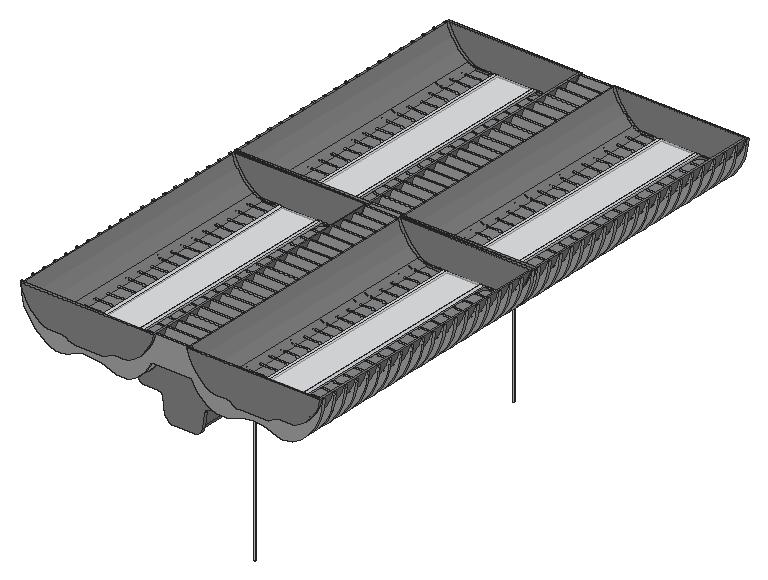
Revit family "0039269 Feilo Sylvania Lighting Fixtures SYLBAY LED 4000K 26KLM AISLE DALI", category Lighting Fixtures, host Face, Revit 2017 (continued)
Definition of nested family "SylbayBody"
  Definition of nested family "SlybayRib"
    Forms (mm)
      Extrusion 2, solid, material <- "BodyMaterial"
        sketch origin (0, 0, 0) x (1, 0, 0) y (0, 0, 1)
          loop
            arc (-117.917, -43.728) -> (-121.079, -43.215) -> (-123.917, -41.728) r 10
            line (-123.917, -41.728) -> (-126.583, -39.728)
            arc (-126.583, -39.728) -> (-129.421, -38.242) -> (-132.583, -37.728) r 10
            line (-132.583, -37.728) -> (-145.75, -37.728)
            arc (-145.75, -37.728) -> (-153.193, -36.71) -> (-160.088, -33.728) r 27.697
            arc (-160.088, -33.728) -> (-176.046, -19.314) -> (-185.5, 0) r 56.788
            line (-185.5, 0) -> (-187.5, 0)
        from 1.25 <- "RibExtrusionStart_FEILO" to -1.25 <- "RibExtrusionEnd_FEILO"
    Dimensions and locks
      equal spacing: plane 5, plane 3 "Center (Left/Right)", plane 4
      locked: plane 5 to plane 4 at 375
      locked: plane 6 to plane 7 at 62.478
      locked: plane 6 to plane 8 at 53.728
      equal spacing: plane 10, plane 3 "Center (Left/Right)", plane 9
      plane 3 "Center (Left/Right)" to plane 9 = 102.75 mm
      locked: plane 6 to plane 11 at 33.728
      equal spacing: plane 13, plane 9, plane 12
      locked: plane 14 to plane 8 at 10
      equal spacing: plane 16, plane 9, plane 15
      locked: plane 9 to plane 15 at 20
      locked: plane 17 to plane 14 at 6
      equal spacing: plane 19, plane 9, plane 18
      locked: plane 15 to plane 18 at 8
      equal spacing: plane 21, plane 9, plane 20
      locked: plane 18 to plane 20 at 15
      locked: plane 13 to plane 22 at 5.3
      locked: plane 3 "Center (Left/Right)" to Extrusion 2 sketch curve at 83.982  (x2)
      locked: plane 3 "Center (Left/Right)" to Extrusion 2 sketch curve at 79.005  (x2)
      locked: plane 3 "Center (Left/Right)" to Extrusion 2 sketch curve at 119.907  (x2)
      locked: plane 3 "Center (Left/Right)" to Extrusion 2 sketch curve at 61.405  (x2)
      locked: plane 3 "Center (Left/Right)" to Extrusion 2 sketch curve at 138.973  (x2)
      locked: plane 3 "Center (Left/Right)" to Extrusion 2 sketch curve at 84.583  (x2)
      locked: plane 3 "Center (Left/Right)" to Extrusion 2 sketch curve at 117.917  (x2)
      locked: plane 3 "Center (Left/Right)" to Extrusion 2 sketch curve at 132.583  (x2)
      locked: plane 3 "Center (Left/Right)" to Extrusion 2 sketch curve at 69.917  (x2)
      locked: Extrusion 2 sketch curve to plane 6 at 21.825  (x2)
      locked: Extrusion 2 sketch curve to plane 6 at 0.822  (x2)
      locked: plane 6 to Extrusion 2 sketch curve at 10.994  (x2)
      locked: plane 6 to Extrusion 2 sketch curve at 15.285  (x2)
      locked: plane 6 to Extrusion 2 sketch curve at 31.076  (x2)
      locked: plane 6 to Extrusion 2 sketch curve at 33.728  (x4)
      locked: plane 6 to Extrusion 2 sketch curve at 29.917  (x2)
      locked: plane 6 to Extrusion 2 sketch curve at 47.728  (x4)
      locked: plane 6 to Extrusion 2 sketch curve at 100.413  (x2)
      locked: plane 6 to Extrusion 2 sketch curve at 141.419  (x2)
      locked: plane 3 "Center (Left/Right)" to Extrusion 2 sketch curve at 106.788  (x2)
      locked: plane 3 "Center (Left/Right)" to Extrusion 2 sketch curve at 104.198  (x2)
      locked: plane 3 "Center (Left/Right)" to Extrusion 2 sketch curve at 130.69  (x2)
      locked: Extrusion 2 sketch curve to plane 6 at 14.858  (x2)
      locked: plane 6 to Extrusion 2 sketch curve at 10.032  (x2)
      locked: plane 3 "Center (Left/Right)" to Extrusion 2 sketch curve at 145.75  (x2)
      aligned and locked: plane 2 to Extrusion 1
      aligned and locked: level to Extrusion 1
      aligned and locked: plane 6 to Extrusion 2 sketch curve
      aligned and locked: plane 4 to Extrusion 2 sketch curve
      aligned and locked: plane 17 to Extrusion 2 sketch curve
      aligned and locked: plane 14 to Extrusion 2 sketch curve
      aligned and locked: Extrusion 2 sketch curve to plane 17
      aligned and locked: plane 8 to Extrusion 2 sketch curve  (x3)
      aligned and locked: plane 2 to plane 6
      aligned and locked: plane 20 to Extrusion 2 sketch curve
      aligned and locked: plane 11 to Extrusion 2 sketch curve  (x2)
      aligned and locked: plane 12 to Extrusion 2 sketch curve
      aligned and locked: Extrusion 2 sketch curve to plane 6
      aligned and locked: Extrusion 2 sketch curve to level
      aligned and locked: Extrusion 2 sketch curve to plane 11
    Automatic sketch dimensions
      Extrusion 1 sketch curve to Extrusion 1 sketch curve = 2438.4 mm  (x2)
      Extrusion 2 sketch curve to plane 11 = 0 mm  (x6)
      Extrusion 2 sketch curve to plane 8 = 0 mm  (x7)
      Extrusion 2 sketch curve to plane 17 = 0 mm
      Extrusion 2 sketch curve to plane 5 = 0 mm
      Extrusion 2 sketch curve to plane 14 = 0 mm
      Extrusion 2 sketch curve to plane 17 = 2 mm  (x3)
      Extrusion 2 sketch curve to plane 15 = 1.167 mm
      plane 14 to Extrusion 2 sketch curve = 2 mm  (x3)
      Extrusion 2 sketch curve to plane 19 = 1.167 mm
Definition of nested family "SlybayRib"
  Parameters (values of type "SylbayRib")
    URL = "http://www.feilosylvania.com"
    Type Image = (empty or 0)
    Type Comments = "n/a"
    RibThickness_FEILO = 2.5 mm
    RibExtrusionStart_FEILO = RibThickness_FEILO / 2  # 1.25 mm
    RibExtrusionEnd_FEILO = -RibThickness_FEILO / 2  # -1.25 mm
    RibDistance_FEILO = 0 mm
    Model = ""
    Manufacturer = "Feilo Sylvania"
    Keynote = ""
    Description = "n/a"
    Default Elevation = 1219.2 mm
    Cost = 0
    BodyMaterial = none
    Assembly Code = ""
  Reference planes
    plane 1 "Center (Front/Back)": y = 0
    plane 2: z = 0
    plane 3 "Center (Left/Right)": x = 0
    plane 4: x = -187.5
    plane 5: x = 187.5
    plane 6: z = 0
    plane 7: z = -62.478
    plane 8: z = -53.728
    plane 9: x = -102.75
    plane 10: x = 102.75
    plane 11: z = -33.728
    plane 12: x = -185.5
    plane 13: x = -20
    plane 14: z = -43.728
    plane 15: x = -122.75
    plane 16: x = -82.75
    plane 17: z = -37.728
    plane 18: x = -130.75
    plane 19: x = -74.75
    plane 20: x = -145.75
    plane 21: x = -59.75
    plane 22: x = -25.3
  Forms (mm)
    Extrusion 1, solid
      sketch origin (4.2, 0, 0) x (1, 0, 0) y (0, 1, 0)
        loop
          line (-1219.2, 1219.2) -> (-1219.2, -1219.2) -> (1219.2, -1219.2) -> (1219.2, 1219.2) -> (-1219.2, 1219.2)
      from 0 to -304.8
    Extrusion 2, solid, material <- "BodyMaterial"
      sketch origin (0, 0, 0) x (1, 0, 0) y (0, 0, 1)
        loop
          arc (-187.5, 0) -> (-180.003, -30.129) -> (-159.829, -53.728) r 67.598
          arc (-159.829, -53.728) -> (-143.258, -61.567) -> (-125.169, -58.599) r 30.791
          arc (-125.169, -58.599) -> (-113.533, -54.576) -> (-101.25, -53.728) r 46.777
          arc (-101.25, -53.728) -> (-87.202, -55.765) -> (-73.664, -60.037) r 87.865
          arc (-73.664, -60.037) -> (-55.541, -61.903) -> (-39.258, -53.728) r 32.519
          arc (-39.258, -53.728) -> (-31.199, -44.469) -> (-25.254, -33.728) r 58.361
          line (-25.254, -33.728) -> (25.254, -33.728)
          arc (25.254, -33.728) -> (31.199, -44.469) -> (39.258, -53.728) r 58.361
          arc (39.258, -53.728) -> (55.541, -61.903) -> (73.664, -60.037) r 32.519
          arc (73.664, -60.037) -> (87.202, -55.765) -> (101.25, -53.728) r 87.865
          arc (101.25, -53.728) -> (113.533, -54.576) -> (125.169, -58.599) r 46.777
          arc (125.169, -58.599) -> (143.258, -61.567) -> (159.829, -53.728) r 30.791
          arc (159.829, -53.728) -> (180.003, -30.129) -> (187.5, 0) r 67.598
          line (187.5, 0) -> (185.5, 0)
          arc (185.5, 0) -> (176.046, -19.314) -> (160.088, -33.728) r 56.788
          arc (160.088, -33.728) -> (153.193, -36.71) -> (145.75, -37.728) r 27.697
          line (145.75, -37.728) -> (132.583, -37.728)
          arc (132.583, -37.728) -> (129.421, -38.242) -> (126.583, -39.728) r 10
          line (126.583, -39.728) -> (123.917, -41.728)
          arc (123.917, -41.728) -> (121.079, -43.215) -> (117.917, -43.728) r 10
          line (117.917, -43.728) -> (84.583, -43.728)
          arc (84.583, -43.728) -> (81.421, -43.215) -> (78.583, -41.728) r 10
          line (78.583, -41.728) -> (75.917, -39.728)
          arc (75.917, -39.728) -> (73.079, -38.242) -> (69.917, -37.728) r 10
          line (69.917, -37.728) -> (58.25, -37.728)
          arc (58.25, -37.728) -> (51.55, -36.705) -> (45.461, -33.728) r 22.443
          arc (45.461, -33.728) -> (30.027, -18.905) -> (20, 0) r 67.602
          line (20, 0) -> (-20, 0)
          arc (-20, 0) -> (-30.027, -18.905) -> (-45.461, -33.728) r 67.602
          arc (-45.461, -33.728) -> (-51.55, -36.705) -> (-58.25, -37.728) r 22.443
          line (-58.25, -37.728) -> (-69.917, -37.728)
          arc (-69.917, -37.728) -> (-73.079, -38.242) -> (-75.917, -39.728) r 10
          line (-75.917, -39.728) -> (-78.583, -41.728)
          arc (-78.583, -41.728) -> (-81.421, -43.215) -> (-84.583, -43.728) r 10
          line (-84.583, -43.728) -> (-117.917, -43.728)
          arc (-117.917, -43.728) -> (-121.079, -43.215) -> (-123.917, -41.728) r 10
          line (-123.917, -41.728) -> (-126.583, -39.728)
          arc (-126.583, -39.728) -> (-129.421, -38.242) -> (-132.583, -37.728) r 10
          line (-132.583, -37.728) -> (-145.75, -37.728)
          arc (-145.75, -37.728) -> (-153.193, -36.71) -> (-160.088, -33.728) r 27.697
          arc (-160.088, -33.728) -> (-176.046, -19.314) -> (-185.5, 0) r 56.788
          line (-185.5, 0) -> (-187.5, 0)
      from 1.25 <- "RibExtrusionStart_FEILO" to -1.25 <- "RibExtrusionEnd_FEILO"
  Dimensions and locks
    equal spacing: plane 5, plane 3 "Center (Left/Right)", plane 4
    locked: plane 5 to plane 4 at 375
    locked: plane 6 to plane 7 at 62.478
    locked: plane 6 to plane 8 at 53.728
    equal spacing: plane 10, plane 3 "Center (Left/Right)", plane 9
    plane 3 "Center (Left/Right)" to plane 9 = 102.75 mm
    locked: plane 6 to plane 11 at 33.728
    equal spacing: plane 13, plane 9, plane 12
    locked: plane 14 to plane 8 at 10
    equal spacing: plane 16, plane 9, plane 15
    locked: plane 9 to plane 15 at 20
    locked: plane 17 to plane 14 at 6
    equal spacing: plane 19, plane 9, plane 18
    locked: plane 15 to plane 18 at 8
    equal spacing: plane 21, plane 9, plane 20
    locked: plane 18 to plane 20 at 15
    locked: plane 13 to plane 22 at 5.3
    locked: plane 3 "Center (Left/Right)" to Extrusion 2 sketch curve at 83.982  (x2)
    locked: plane 3 "Center (Left/Right)" to Extrusion 2 sketch curve at 79.005  (x2)
    locked: plane 3 "Center (Left/Right)" to Extrusion 2 sketch curve at 119.907  (x2)
    locked: plane 3 "Center (Left/Right)" to Extrusion 2 sketch curve at 61.405  (x2)
    locked: plane 3 "Center (Left/Right)" to Extrusion 2 sketch curve at 138.973  (x2)
    locked: plane 3 "Center (Left/Right)" to Extrusion 2 sketch curve at 84.583  (x2)
    locked: plane 3 "Center (Left/Right)" to Extrusion 2 sketch curve at 117.917  (x2)
    locked: plane 3 "Center (Left/Right)" to Extrusion 2 sketch curve at 132.583  (x2)
    locked: plane 3 "Center (Left/Right)" to Extrusion 2 sketch curve at 69.917  (x2)
    locked: Extrusion 2 sketch curve to plane 6 at 21.825  (x2)
    locked: Extrusion 2 sketch curve to plane 6 at 0.822  (x2)
    locked: plane 6 to Extrusion 2 sketch curve at 10.994  (x2)
    locked: plane 6 to Extrusion 2 sketch curve at 15.285  (x2)
    locked: plane 6 to Extrusion 2 sketch curve at 31.076  (x2)
    locked: plane 6 to Extrusion 2 sketch curve at 33.728  (x4)
    locked: plane 6 to Extrusion 2 sketch curve at 29.917  (x2)
    locked: plane 6 to Extrusion 2 sketch curve at 47.728  (x4)
    locked: plane 6 to Extrusion 2 sketch curve at 100.413  (x2)
    locked: plane 6 to Extrusion 2 sketch curve at 141.419  (x2)
    locked: plane 3 "Center (Left/Right)" to Extrusion 2 sketch curve at 106.788  (x2)
    locked: plane 3 "Center (Left/Right)" to Extrusion 2 sketch curve at 104.198  (x2)
    locked: plane 3 "Center (Left/Right)" to Extrusion 2 sketch curve at 130.69  (x2)
    locked: Extrusion 2 sketch curve to plane 6 at 14.858  (x2)
    locked: plane 6 to Extrusion 2 sketch curve at 10.032  (x2)
    locked: plane 3 "Center (Left/Right)" to Extrusion 2 sketch curve at 145.75  (x2)
    aligned and locked: plane 2 to Extrusion 1
    aligned and locked: level to Extrusion 1
    aligned and locked: plane 6 to Extrusion 2 sketch curve
    aligned and locked: plane 4 to Extrusion 2 sketch curve
    aligned and locked: plane 17 to Extrusion 2 sketch curve
    aligned and locked: plane 14 to Extrusion 2 sketch curve
    aligned and locked: Extrusion 2 sketch curve to plane 17
    aligned and locked: plane 8 to Extrusion 2 sketch curve  (x3)
    aligned and locked: plane 2 to plane 6
    aligned and locked: plane 20 to Extrusion 2 sketch curve
    aligned and locked: plane 11 to Extrusion 2 sketch curve  (x2)
    aligned and locked: plane 12 to Extrusion 2 sketch curve
    aligned and locked: Extrusion 2 sketch curve to plane 6
    aligned and locked: Extrusion 2 sketch curve to level
    aligned and locked: Extrusion 2 sketch curve to plane 11
  Automatic sketch dimensions
    Extrusion 1 sketch curve to Extrusion 1 sketch curve = 2438.4 mm  (x2)
    Extrusion 2 sketch curve to plane 11 = 0 mm  (x6)
    Extrusion 2 sketch curve to plane 8 = 0 mm  (x7)
    Extrusion 2 sketch curve to plane 17 = 0 mm
    Extrusion 2 sketch curve to plane 5 = 0 mm
    Extrusion 2 sketch curve to plane 14 = 0 mm
    Extrusion 2 sketch curve to plane 17 = 2 mm  (x3)
    Extrusion 2 sketch curve to plane 15 = 1.167 mm
    plane 14 to Extrusion 2 sketch curve = 2 mm  (x3)
    Extrusion 2 sketch curve to plane 19 = 1.167 mm
